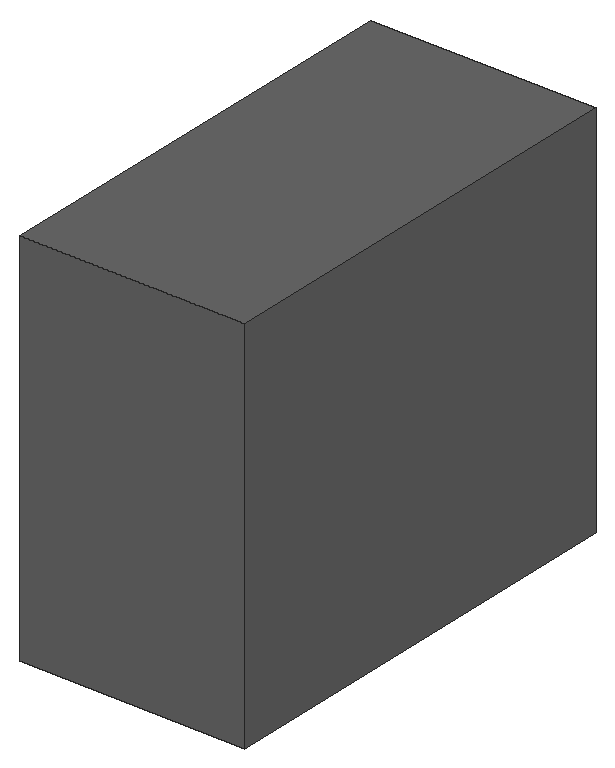
Revit family "Domotics-DomesticRanges-GEWISS-SYSTEM_COMMAND-DIMMER_PUSH-BUTTON", category Apparecchi elettrici, host Superficie, Revit 2016
Family settings
  Host = Superficie
  Mantenere orientamento annotazione = Sì
  Tipo di parte = Normale
  Quota connettore circolare = Usa diametro
  Taglio con vuoti quando caricato = Sì
  Condiviso = Sì
  Punto di calcolo locali = Sì
Parameters (values of type "GW21829 - Dimmer for electr.transf. 300W black")
  Volt = 230 V
  Vista in pianta [instance] = yes
  Version file RFA = "19.4"
  URL = "https://www.gewiss.com/ww/en"
  Tipo simbolo = PULSANTI : DIMMPULS
  Technical sheet = "https://www.gewiss.com/ww/en/search?q=GW21829"
  TIPO = System Dimmer Pulsante_GENERICO : GW21829 Dimmer per trasformatori elettronici 300W nero
  Supply voltage = "230V - 50 / 60 Hz"
  Simbolo [instance] = yes
  SEO = "Dimmer"
  Resistive load 230V ac = "40-300 W"
  Resistive load = "40-300 W"
  Realized by GEWISS S.p.A. = ""
  Default Elevation = 1219.2 mm
  Produttore = "GEWISS S.p.A."
  Offset presa [instance] = 0 mm
  Offset bidimensionale [instance] = 39 mm
  No. SYSTEM modules = "1"
  N. poli = 1
  Modello = "GW21829"
  Load type = "Electronic transformers"
  Load 230V ac = ""
  Inductive load 230V ac = "40-300 VA"
  Inductive load = "40-300 VA"
  Immagine tipo = GW21829.jpg
  IFC.TypeObject = ""
  IFC.ExportType = ""
  IFC.ExportAs = ""
  IDT = "747644e9-8027-4257-a4c3-3235cb5c2112"
  IDF = "32894165-b4c8-44ab-beb7-cb4eb3b257e9"
  Electrocod = "0141"
  EAN code = "8011564747357"
  Distanza_x [instance] = 0 mm
  Distanza_effettiva_y [instance] = 100 mm
  Distanza_effettiva_x [instance] = 1000 mm - Distanza_x  # 1000 mm
  Distanza orizzontale del simbolo [instance] = 101.351 mm
  Distanza dal muro [instance] = 4.208 mm
  Descrizione = "DIMMER FOR ELECTR.TRANSF. 300W SY.BLACK"
  Description. = "Push-button dimmer"
  Control = "Push-button"
  Command = "Push-button"
  Colour = "Black"
  Catalogue Range = "SYSTEM - DOMESTIC RANGE"
  Catalogue = "DOMOTICS"
  Carico apparente = 0 VA
  COBie.Tagnumber = ""
  COBie.CreatedOn = ""
  COBie.CreatebBy = ""
  COBie.ComponentRegisterItemID = ""
  COBie.Component.TagNumber = ""
  COBie.Component.Space = ""
  COBie.Component.SerialNumber = ""
  COBie.Component.InstallationDate = ""
  COBie.Component.Description = ""
  COBie.Component.BarCode = ""
Types (6, lengths in mm): name | Tipo simbolo | Technical sheet | TIPO | Resistive load 230V ac | Resistive load | Modello | Load type | Load 230V ac | Inductive load 230V ac | Inductive load | Immagine tipo | IDT | EAN code | Descrizione | Colour
  GW20818 - Elec.regul.air stirr. 230V 55-80VA white | PULSANTI : DIMMMANOP | "https://www.gewiss.com/ww/en/search?q=GW20818" | System Dimmer Pulsante_GENERICO : GW20818 Regolatore elettronico agitatori aria 230V 55-80VA bianco | "" | "" | "GW20818" | "Air agitators" | "55-80 VA" | "" | "" | GW20818.jpg | "02e3838b-3408-4868-a190-1a58c881d15a" | "8011564248922" | "ELEC.REGUL.AIR STIRR. 230V 55-80VA SY/WT" | "White"
  GW20828 - Dimmer for resist-induct. 500W white | PULSANTI : DIMMPULS | "https://www.gewiss.com/ww/en/search?q=GW20828" | System Dimmer Pulsante_GENERICO : GW20828 Dimmer per carichi resistivi-induttivi 500W bianco | "60-500 W" | "60-500 W" | "GW20828" | "Resistive/Inductive" | "" | "60-500 VA" | "60-500 VA" | GW20828.jpg | "76672c7c-5aff-4e72-bf2e-a3dcae6641f6" | "8011564747326" | "DIMMER FOR RESIST-INDUCT. 500W SY.WHITE" | "White"
  GW20829 - Dimmer for electr.transf. 300W white | PULSANTI : DIMMPULS | "https://www.gewiss.com/ww/en/search?q=GW20829" | System Dimmer Pulsante_GENERICO : GW20829 Dimmer per trasformatori elettronici 300W bianco | "40-300 W" | "40-300 W" | "GW20829" | "Electronic transformers" | "" | "40-300 VA" | "40-300 VA" | GW20829.jpg | "48ddf41b-69ee-4efc-9201-25c1207b1a0e" | "8011564747333" | "DIMMER FOR ELECTR.TRANSF. 300W SY.WHITE" | "White"
  GW21818 - Elec.regul.air stirr. 230V 55-80VA black | PULSANTI : DIMMMANOP | "https://www.gewiss.com/ww/en/search?q=GW21818" | System Dimmer Pulsante_GENERICO : GW21818 Regolatore elettronico agitatori aria 230V 55-80VA nero | "" | "" | "GW21818" | "Air agitators" | "55-80 VA" | "" | "" | GW21818.jpg | "6d056518-3352-4d4f-801e-f2275233aff9" | "8011564248939" | "ELEC.REGUL.AIR STIRR. 230V 55-80VA SY/BK" | "Black"
  GW21828 - Dimmer for resist-induct. 500W black | PULSANTI : DIMMPULS | "https://www.gewiss.com/ww/en/search?q=GW21828" | System Dimmer Pulsante_GENERICO : GW21828 Dimmer per carichi resistivi-induttivi 500W nero | "60-500 W" | "60-500 W" | "GW21828" | "Resistive/Inductive" | "" | "60-500 VA" | "60-500 VA" | GW21828.jpg | "3a950aca-6d37-451b-847e-ff5f8405c927" | "8011564747340" | "DIMMER FOR RESIST-INDUCT. 500W SY.BLACK" | "Black"
  GW21829 - Dimmer for electr.transf. 300W black | PULSANTI : DIMMPULS | "https://www.gewiss.com/ww/en/search?q=GW21829" | System Dimmer Pulsante_GENERICO : GW21829 Dimmer per trasformatori elettronici 300W nero | "40-300 W" | "40-300 W" | "GW21829" | "Electronic transformers" | "" | "40-300 VA" | "40-300 VA" | GW21829.jpg | "747644e9-8027-4257-a4c3-3235cb5c2112" | "8011564747357" | "DIMMER FOR ELECTR.TRANSF. 300W SY.BLACK" | "Black"
Reference planes
  plane 1 "Centro (Fronte/Retro)": y = 0
  plane 2: z = 0
  plane 3 "Centro (Sinistra/Destra)": x = 0
  plane 4: x = -1000
  plane 5: x = 0
  plane 6: y = 100
  plane 7: z = 0
  plane 8: z = 39
Lines and regions (mm)
  Masking region 1, visible <- "Vista in pianta"
    outline origin (0, 0, 0) x (1, 0, 0) y (0, 1, 0)
      loop
        line (-11.5, 22.5) -> (-11.5, -22.5) -> (11.5, -22.5) -> (11.5, 22.5) -> (-11.5, 22.5)
      loop
        line (2.455, 11.505) -> (5.432, 10.131) -> (7.322, 12.593) -> (4.401, 13.967) -> (1.596, 14.082) -> (-1.497, 13.452) -> (-4.131, 12.307) -> (-6.364, 10.131) -> (-5.047, 10.818) -> (-3.214, 11.505) -> (-0.351, 11.906) -> (2.455, 11.505)
      loop
        circle (0.125, 0) r 7.891
      loop
        circle (0.125, 0) r 9.447
      loop
        circle (0.125, -16.62) r 3.104
  Masking region 2, visible <- "Vista in pianta"
    outline origin (0, 0, 0) x (0, 1, 0) y (0, 0, 1)
      loop
        line (-22.5, 39) -> (-22.5, 0) -> (22.5, 0) -> (22.5, 39) -> (-22.5, 39)
  Masking region 3, visible <- "Vista in pianta"
    outline origin (0, 0, 0) x (1, 0, 0) y (0, 0, 1)
      loop
        line (-11.5, 39) -> (-11.5, 0) -> (11.5, 0) -> (11.5, 39) -> (-11.5, 39)
Dimensions and locks
  plane 4 to plane 3 "Centro (Sinistra/Destra)" = 1000 mm
  "Distanza_effettiva_x": plane 4 to plane 5
  "Distanza_effettiva_y": plane 6 to plane 1 "Centro (Fronte/Retro)"
  "Offset presa": plane 7 to host face
  "Offset bidimensionale": plane 8 to host face
  aligned and locked: plane 2 to host face
  aligned and locked: level to host face
  aligned and locked: plane 3 "Centro (Sinistra/Destra)" to nested 1
  aligned and locked: plane 1 "Centro (Fronte/Retro)" to nested 1
  aligned and locked: plane 5 to nested 2
  aligned and locked: nested 2 to plane 6
  aligned and locked: Masking region 1 sketch curve to nested 1  (x4)
  aligned and locked: nested 1 to plane 7
  aligned and locked: plane 7 to nested 1
  aligned and locked: Masking region 2 sketch curve to nested 1  (x4)
  aligned and locked: import instance to plane 8
  aligned and locked: Masking region 3 sketch curve to nested 1  (x4)
Automatic sketch dimensions
  host sketch curve to host sketch curve = 2438.4 mm  (x2)
  plane 3 "Centro (Sinistra/Destra)" to Masking region 1 sketch curve = 2.455 mm
  Masking region 1 sketch curve to plane 1 "Centro (Fronte/Retro)" = 11.505 mm
  Masking region 1 sketch curve to plane 3 "Centro (Sinistra/Destra)" = 0.351 mm
  Masking region 1 sketch curve to Masking region 1 sketch curve = 2.978 mm
  Masking region 1 sketch curve to Masking region 1 sketch curve = 1.374 mm
  Masking region 1 sketch curve to Masking region 1 sketch curve = 0.401 mm  (x2)
  Masking region 1 sketch curve to Masking region 1 sketch curve = 2.863 mm
  Masking region 1 sketch curve to Masking region 1 sketch curve = 1.832 mm
  Masking region 1 sketch curve to Masking region 1 sketch curve = 0.687 mm  (x2)
  Masking region 1 sketch curve to Masking region 1 sketch curve = 1.317 mm
  Masking region 1 sketch curve to Masking region 1 sketch curve = 0.916 mm
  Masking region 1 sketch curve to Masking region 1 sketch curve = 0.802 mm
  Masking region 1 sketch curve to plane 3 "Centro (Sinistra/Destra)" = 1.497 mm
  Masking region 1 sketch curve to Masking region 1 sketch curve = 1.546 mm
  plane 3 "Centro (Sinistra/Destra)" to Masking region 1 sketch curve = 1.596 mm
  Masking region 1 sketch curve to Masking region 1 sketch curve = 2.577 mm
  Masking region 1 sketch curve to Masking region 1 sketch curve = 2.806 mm
  Masking region 1 sketch curve to Masking region 1 sketch curve = 0.115 mm
  Masking region 1 sketch curve to Masking region 1 sketch curve = 1.89 mm
  Masking region 1 sketch curve to Masking region 1 sketch curve = 2.462 mm
Nested families
  nested 1: "System Dimmer Pulsante_GENERICO" at (0, 0, 0), type <- "TIPO", type "GW21829 Dimmer per trasformatori elettronici 300W nero", detail levels medium+fine
  nested 2: "PULSANTI" at (0, 100, 0), Distanza dal muro <- "Distanza dal muro", SIMBOLO <- "Simbolo", type <- "Tipo simbolo", visible <- "Simbolo", type "DIMMPULS"
    with TESTO ELETTRICO "", SIMBOLO yes, Distanza dal muro 4.208 mm, BORDO ACCESO yes
Connectors
  electrical at (0, 0, 0), driven by "N. poli", driven by "Volt", driven by "Carico apparente"
    settings: on nested 1, index 1, voltage 230 V, apparent load 0 VA, apparent load phase1 0 VA, apparent load phase2 0 VA, apparent load phase3 0 VA, power factor 1, load classification "Altro", number of poles 1, system type 31, power factor state 1, is connector primary yes, connector utility no, sub classification motor no, connector description ""
Definition of nested family "System Dimmer Pulsante_GENERICO"
  Parameters (values of type "GW20818 Regolatore elettronico agitatori aria 230V 55-80VA bianco")
    Profondità presa = 39 mm
    Lunghezza = 43 mm
    Larghezza = 25 mm
    Finitura Dimmer = none
    Altezza da Terra = 750 mm
  Types (6): name
    GW20818 Regolatore elettronico agitatori aria 230V 55-80VA bianco
    GW21818 Regolatore elettronico agitatori aria 230V 55-80VA nero
    GW20828 Dimmer per carichi resistivi-induttivi 500W bianco
    GW20829 Dimmer per trasformatori elettronici 300W bianco
    GW21828 Dimmer per carichi resistivi-induttivi 500W nero
    GW21829 Dimmer per trasformatori elettronici 300W nero
  Reference planes
    plane 1 "Centro (Fronte/Retro)": y = 0
    plane 2: z = 0
    plane 3 "Centro (Sinistra/Destra)": x = 0
    plane 4: z = 39
  Forms (mm)
    Extrusion 1, solid, material <- "Finitura Dimmer"
      sketch origin (-37.942, -794.839, 39) x (1, 0, 0) y (0, 1, 0)
        loop
          line (26.442, 817.339) -> (26.442, 772.339) -> (49.442, 772.339) -> (49.442, 817.339) -> (26.442, 817.339)
      from 0 to -39
  Lines and regions (mm)
    model lines, detail levels medium+fine
      curve 1: circle (0.125, 0, 39) r 7.891 normal (0, 0, 1)
      curve 2: circle (0.125, 0, 39) r 9.447 normal (0, 0, 1)
      curve 3: circle (0.125, -16.62, 39) r 3.104 normal (0, 0, 1)
      curve 4: line (-6.364, 10.131, 39) -> (-4.131, 12.307, 39)
      curve 5: line (-4.131, 12.307, 39) -> (-1.497, 13.452, 39)
      curve 6: line (-1.497, 13.452, 39) -> (1.596, 14.082, 39)
      curve 7: line (1.596, 14.082, 39) -> (4.401, 13.967, 39)
      curve 8: line (4.401, 13.967, 39) -> (7.322, 12.593, 39)
      curve 9: line (7.322, 12.593, 39) -> (5.432, 10.131, 39)
      curve 10: line (5.432, 10.131, 39) -> (2.455, 11.505, 39)
      curve 11: line (2.455, 11.505, 39) -> (-0.351, 11.906, 39)
      curve 12: line (-0.351, 11.906, 39) -> (-3.214, 11.505, 39)
      curve 13: line (-3.214, 11.505, 39) -> (-5.047, 10.818, 39)
      curve 14: line (-5.047, 10.818, 39) -> (-6.364, 10.131, 39)
  Dimensions and locks
    "Profondità presa": plane 4 to level
    aligned and locked: level to plane 2
    aligned and locked: Extrusion 1 to level
  Automatic sketch dimensions
    Extrusion 1 sketch curve to plane 3 "Centro (Sinistra/Destra)" = 11.5 mm
    plane 3 "Centro (Sinistra/Destra)" to Extrusion 1 sketch curve = 11.5 mm
    plane 1 "Centro (Fronte/Retro)" to Extrusion 1 sketch curve = 22.5 mm
    Extrusion 1 sketch curve to plane 1 "Centro (Fronte/Retro)" = 22.5 mm
    curve 1 to curve 2 = 0 mm  (x2)
    curve 4 to Extrusion 1 = 5.136 mm
    curve 4 to curve 13 = 1.317 mm
    curve 14 to curve 5 = 0.916 mm
    curve 4 to curve 12 = 0.916 mm
    curve 13 to curve 6 = 1.718 mm
    curve 5 to curve 12 = 1.145 mm
    curve 1 to Extrusion 1 = 11.375 mm
    curve 3 to Extrusion 1 = 11.375 mm
    curve 12 to curve 7 = 1.947 mm
    curve 6 to curve 11 = 0.859 mm
    curve 6 to curve 7 = 2.806 mm
    curve 10 to curve 10 = 2.978 mm
    curve 9 to curve 8 = 1.89 mm
    curve 3 to Extrusion 1 = 5.88 mm
    curve 3 to curve 2 = 16.62 mm
    curve 1 to curve 4 = 10.131 mm
    curve 1 to curve 10 = 10.131 mm
    curve 4 to curve 14 = 0.687 mm
    curve 14 to curve 13 = 0.687 mm
    curve 9 to curve 11 = 1.374 mm
    curve 10 to curve 11 = 0.401 mm
    curve 12 to curve 5 = 0.802 mm
    curve 9 to curve 9 = 2.462 mm
    curve 11 to curve 6 = 1.546 mm
    curve 10 to curve 7 = 2.462 mm
    curve 10 to curve 6 = 2.577 mm
    radius of curve 1 = 7.891 mm
    radius of curve 2 = 9.447 mm
    radius of curve 3 = 3.104 mm
Definition of nested family "PULSANTI"
  Parameters (values of type "DIMMMANOP")
    TESTO ELETTRICO [instance] = ""
    Simbolo = PULSANTI_BASE : DIMMMANOP
    SIMBOLO [instance] = yes
    Distanza dal muro [instance] = 4.208 mm
    BORDO ACCESO [instance] = yes
  Types (11, lengths in mm): name | TESTO ELETTRICO | Simbolo
    PULSANTE | "" | PULSANTI_BASE : PULSANTE
    PULSTIRANTE | "" | PULSANTI_BASE : PULSTIRANTE
    PULSCHIAVE | "" | PULSANTI_BASE : PULSCHIAVE
    TARGA | "" | PULSANTI_BASE : TARGA
    RRNC | "A" | PULSANTI_BASE : RRNC
    MARNO | "M" | PULSANTI_BASE : MARNO
    LUM | "" | PULSANTI_BASE : LUM
    DOPPIO | "" | PULSANTI_BASE : DOPPIO
    DIMMPULS | "" | PULSANTI_BASE : DIMMPULS
    DIMMMANOP | "" | PULSANTI_BASE : DIMMMANOP
    DIMMMANOPDEV | "" | PULSANTI_BASE : DIMMMANOPDEV
  Reference planes
    plane 1: y = 0
    plane 2: x = 0
  Lines and regions (mm)
    detail lines, visible <- "BORDO ACCESO", not visible
      curve 1: line (-2.25, 0.412, 0) -> (2.25, 0.412, 0)
      curve 2: line (2.25, 0.412, 0) -> (2.25, -5.588, 0)
      curve 3: line (2.25, -5.588, 0) -> (-2.25, -5.588, 0)
      curve 4: line (-2.25, -5.588, 0) -> (-2.25, 0.412, 0)
      curve 30: line (-1.85, 0.012, 0) -> (1.85, 0.012, 0)
      curve 31: line (1.85, 0.012, 0) -> (1.85, -5.188, 0)
      curve 32: line (1.85, -5.188, 0) -> (-1.85, -5.188, 0)
      curve 33: line (-1.85, -5.188, 0) -> (-1.85, 0.012, 0)
      curve 34: line (-2.25, 6, 0) -> (2.25, 6, 0)
      curve 35: line (2.25, 6, 0) -> (2.25, 0, 0)
      curve 36: line (2.25, 0, 0) -> (-2.25, 0, 0)
      curve 37: line (-2.25, 0, 0) -> (-2.25, 6, 0)
      curve 61: line (-1.85, 5.6, 0) -> (1.85, 5.6, 0)
      curve 62: line (1.85, 5.6, 0) -> (1.85, 0.4, 0)
      curve 63: line (1.85, 0.4, 0) -> (-1.85, 0.4, 0)
      curve 64: line (-1.85, 0.4, 0) -> (-1.85, 5.6, 0)
      curve 65: line (-2.443, 10.208, 0) -> (2.057, 10.208, 0)
      curve 66: line (2.057, 10.208, 0) -> (2.057, 4.208, 0)
      curve 67: line (2.057, 4.208, 0) -> (-2.443, 4.208, 0)
      curve 68: line (-2.443, 4.208, 0) -> (-2.443, 10.208, 0)
      curve 69: line (-2.043, 9.808, 0) -> (1.657, 9.808, 0)
      curve 70: line (1.657, 9.808, 0) -> (1.657, 4.608, 0)
      curve 71: line (1.657, 4.608, 0) -> (-2.043, 4.608, 0)
      curve 72: line (-2.043, 4.608, 0) -> (-2.043, 9.808, 0)
    detail lines, not visible
      curve 5: line (-9.473, -5.588, 0) -> (10.527, -5.588, 0)
      curve 6: circle (-0.56, -0.487, 0) r 0.969 normal (0, 0, 1)
      curve 7: line (-0.005, 0.306, 0) -> (0.852, 1.529, 0)
      curve 8: line (0.852, 1.529, 0) -> (1.529, 1.047, 0)
      curve 9: circle (-0.56, -315.487, 0) r 0.969 normal (0, 0, 1)
      curve 10: line (-0.005, -314.694, 0) -> (0.852, -313.471, 0)
      curve 11: line (0.852, -313.471, 0) -> (1.529, -313.953, 0)
      curve 12: line (-1.245, -314.803, 0) -> (0.124, -316.172, 0)
      curve 13: line (0.124, -314.803, 0) -> (-1.245, -316.172, 0)
      curve 14: circle (-0.56, -480.487, 0) r 0.969 normal (0, 0, 1)
      curve 15: line (-0.005, -479.694, 0) -> (0.852, -478.471, 0)
      curve 16: line (0.852, -478.471, 0) -> (1.529, -478.953, 0)
      curve 17: line (0.493, -478.983, 0) -> (1.167, -479.462, 0)
      curve 18: circle (-0.56, -880.487, 0) r 0.969 normal (0, 0, 1)
      curve 19: line (-0.005, -879.694, 0) -> (0.852, -878.471, 0)
      curve 20: line (0.852, -878.471, 0) -> (1.529, -878.953, 0)
      curve 21: line (-1.245, -879.803, 0) -> (0.124, -881.172, 0)
      curve 22: line (0.124, -879.803, 0) -> (-1.245, -881.172, 0)
      curve 23: line (0.493, -878.983, 0) -> (1.167, -879.462, 0)
      curve 24: circle (-0.56, -365.487, 0) r 0.969 normal (0, 0, 1)
      curve 25: line (-0.005, -364.694, 0) -> (0.852, -363.471, 0)
      curve 26: line (0.852, -363.471, 0) -> (1.529, -363.953, 0)
      curve 27: line (-0.56, -364.925, 0) -> (-0.56, -366.05, 0)
      curve 28: line (0.493, -363.983, 0) -> (1.167, -364.462, 0)
      curve 29: line (0, 3.621, 0) -> (0, -16.379, 0)
      curve 38: circle (-0.56, 2.417, 0) r 0.969 normal (0, 0, 1)
      curve 39: line (-0.005, 3.21, 0) -> (0.852, 4.433, 0)
      curve 40: line (0.852, 4.433, 0) -> (1.529, 3.951, 0)
      curve 41: circle (-0.56, 2.417, 0) r 0.969 normal (0, 0, 1)
      curve 42: line (-0.005, 3.21, 0) -> (0.852, 4.433, 0)
      curve 43: line (0.852, 4.433, 0) -> (1.529, 3.951, 0)
      curve 44: line (-1.245, 3.102, 0) -> (0.124, 1.732, 0)
      curve 45: line (0.124, 3.102, 0) -> (-1.245, 1.732, 0)
      curve 46: circle (-0.56, 2.417, 0) r 0.969 normal (0, 0, 1)
      curve 47: line (-0.005, 3.21, 0) -> (0.852, 4.433, 0)
      curve 48: line (0.852, 4.433, 0) -> (1.529, 3.951, 0)
      curve 49: circle (-0.56, 2.417, 0) r 0.969 normal (0, 0, 1)
      curve 50: line (-0.005, 3.21, 0) -> (0.852, 4.433, 0)
      curve 51: line (0.852, 4.433, 0) -> (1.529, 3.951, 0)
      curve 52: line (-1.245, 3.102, 0) -> (0.124, 1.732, 0)
      curve 53: line (0.124, 3.102, 0) -> (-1.245, 1.732, 0)
      curve 54: line (0.493, 3.921, 0) -> (1.167, 3.442, 0)
      curve 55: line (0.493, 3.921, 0) -> (1.167, 3.442, 0)
      curve 56: circle (-0.56, 2.417, 0) r 0.969 normal (0, 0, 1)
      curve 57: line (-0.005, 3.21, 0) -> (0.852, 4.433, 0)
      curve 58: line (0.852, 4.433, 0) -> (1.529, 3.951, 0)
      curve 59: line (-0.56, 2.979, 0) -> (-0.56, 1.854, 0)
      curve 60: line (0.493, 3.921, 0) -> (1.167, 3.442, 0)
      curve 73: line (-1.644, 2.848, 0) -> (1.644, 2.848, 0)
      curve 74: line (-1.644, 0.61, 0) -> (-1.644, 2.848, 0)
      curve 75: line (1.644, 0.61, 0) -> (-1.644, 0.61, 0)
      curve 76: line (1.644, 2.848, 0) -> (1.644, 0.61, 0)
      curve 77: line (-1.325, 0.987, 0) -> (1.325, 0.987, 0)
      curve 78: circle (0, 1.912, 0) r 0.5 normal (0, 0, 1)
      curve 79: circle (0, 1.912, 0) r 0.8 normal (0, 0, 1)
      curve 80: line (-1.325, 0.987, 0) -> (1.325, 0.987, 0)
      curve 81: line (-0.354, 2.265, 0) -> (0.354, 1.558, 0)
      curve 82: line (0.354, 2.265, 0) -> (-0.354, 1.558, 0)
  Dimensions and locks
    aligned and locked: curve 5 to curve 3
    aligned and locked: plane 2 to nested 1
    aligned and locked: plane 1 to nested 1
  Nested families
    nested 1: "PULSANTI_BASE" at (0, 0, 0), BORDO ACCESO <- "BORDO ACCESO", type <- "Simbolo", TESTO ELETTRICO <- "TESTO ELETTRICO", visible <- "SIMBOLO", type "DIMMMANOP"
      with TESTO ELETTRICO "", BORDO ACCESO yes
  Definition of nested family "PULSANTI_BASE"
    Parameters (values of type "DIMMMANOPDEV")
      TEXT = no
      TESTO ELETTRICO [instance] = ""
      TARGA = no
      PULSANTECHIAVE = no
      PULSTIRANTE = no
      PULSANTE = no
      LUM = no
      DOPPIO = no
      DIMMPULSINT = no
      DIMMPULS = no
      DIMMMANOPDEV = yes
      BORDO ACCESO [instance] = yes
    Types (11, lengths in mm): name | TEXT | TARGA | PULSANTECHIAVE | PULSTIRANTE | PULSANTE | LUM | DOPPIO | DIMMPULSINT | DIMMPULS | DIMMMANOPDEV
      PULSANTE | no | no | no | no | yes | no | no | no | no | no
      PULSTIRANTE | no | no | no | yes | yes | no | no | no | no | no
      PULSCHIAVE | no | no | yes | no | yes | no | no | no | no | no
      TARGA | no | yes | no | no | no | no | no | no | no | no
      RRNC | yes | no | no | no | yes | no | no | no | no | no
      MARNO | yes | no | no | no | yes | no | no | no | no | no
      LUM | no | no | no | no | no | yes | no | no | no | no
      DOPPIO | no | no | no | no | no | no | yes | no | no | no
      DIMMPULS | no | no | no | no | no | no | no | yes | yes | no
      DIMMMANOP | no | no | no | no | no | no | no | no | yes | no
      DIMMMANOPDEV | no | no | no | no | no | no | no | no | no | yes
    Reference planes
      plane 1: y = 0
      plane 2: x = 0
    Lines and regions (mm)
      detail lines, visible <- "PULSANTE"
        curve 1: circle (0, 1.258, 0) r 0.527 normal (0, 0, 1)
        curve 11: circle (0, 1.258, 0) r 0.394 normal (0, 0, 1)
      detail lines, visible <- "BORDO ACCESO", not visible
        curve 2: line (-1.943, 9.208, 0) -> (1.857, 9.208, 0)
        curve 3: line (1.857, 9.208, 0) -> (1.857, 4.208, 0)
        curve 4: line (1.857, 4.208, 0) -> (-1.943, 4.208, 0)
        curve 5: line (-1.943, 4.208, 0) -> (-1.943, 9.208, 0)
        curve 6: line (-1.743, 9.008, 0) -> (1.657, 9.008, 0)
        curve 7: line (1.657, 9.008, 0) -> (1.657, 4.408, 0)
        curve 8: line (1.657, 4.408, 0) -> (-1.743, 4.408, 0)
        curve 9: line (-1.743, 4.408, 0) -> (-1.743, 9.008, 0)
      detail lines, visible <- "PULSANTECHIAVE"
        curve 10: line (0, 1.49, 0) -> (0, 0.929, 0)
      detail lines, visible <- "PULSTIRANTE"
        curve 12: line (0, 0.732, 0) -> (0, 0.441, 0)
        curve 13: line (-0.162, 0.441, 0) -> (0.162, 0.441, 0)
        curve 14: line (-0.162, 0.441, 0) -> (0, 0.16, 0)
        curve 15: line (0, 0.16, 0) -> (0.162, 0.441, 0)
      detail lines, visible <- "TARGA"
        curve 16: line (-0.866, 1.843, 0) -> (0.866, 1.843, 0)
        curve 17: line (-0.866, 0.665, 0) -> (-0.866, 1.843, 0)
        curve 18: line (0.866, 0.665, 0) -> (-0.866, 0.665, 0)
        curve 19: line (0.866, 1.843, 0) -> (0.866, 0.665, 0)
        curve 20: line (-0.698, 0.863, 0) -> (-0.469, 0.863, 0)
        curve 21: circle (0, 1.35, 0) r 0.263 normal (0, 0, 1)
        curve 22: circle (0, 1.35, 0) r 0.421 normal (0, 0, 1)
        curve 23: line (-0.698, 0.863, 0) -> (-0.469, 0.863, 0)
        curve 24: line (-0.186, 1.536, 0) -> (0.186, 1.164, 0)
        curve 25: line (0.186, 1.536, 0) -> (-0.186, 1.164, 0)
      detail lines, visible <- "TARGA", not visible
        curve 26: line (-1.644, 2.848, 0) -> (1.644, 2.848, 0)
        curve 27: line (-1.644, 0.61, 0) -> (-1.644, 2.848, 0)
        curve 28: line (1.644, 0.61, 0) -> (-1.644, 0.61, 0)
        curve 29: line (1.644, 2.848, 0) -> (1.644, 0.61, 0)
        curve 30: line (-1.325, 0.987, 0) -> (1.325, 0.987, 0)
        curve 31: circle (0, 1.912, 0) r 0.5 normal (0, 0, 1)
        curve 32: circle (0, 1.912, 0) r 0.8 normal (0, 0, 1)
        curve 33: line (-1.325, 0.987, 0) -> (1.325, 0.987, 0)
        curve 34: line (-0.354, 2.265, 0) -> (0.354, 1.558, 0)
        curve 35: line (0.354, 2.265, 0) -> (-0.354, 1.558, 0)
        curve 59: line (-0.866, 3.093, 0) -> (0.866, 3.093, 0)
        curve 60: line (-0.866, 1.915, 0) -> (-0.866, 3.093, 0)
        curve 61: line (0.866, 1.915, 0) -> (-0.866, 1.915, 0)
        curve 62: line (0.866, 3.093, 0) -> (0.866, 1.915, 0)
        curve 63: line (-0.698, 2.113, 0) -> (0.698, 2.113, 0)
        curve 64: circle (0, 2.6, 0) r 0.263 normal (0, 0, 1)
        curve 65: circle (0, 2.6, 0) r 0.421 normal (0, 0, 1)
        curve 66: line (-0.698, 2.113, 0) -> (0.698, 2.113, 0)
        curve 67: line (-0.186, 2.786, 0) -> (0.186, 2.414, 0)
        curve 68: line (0.186, 2.786, 0) -> (-0.186, 2.414, 0)
      detail lines, visible <- "LUM"
        curve 36: circle (0, 1.258, 0) r 0.527 normal (0, 0, 1)
        curve 37: circle (0, 1.258, 0) r 0.394 normal (0, 0, 1)
        curve 38: line (0.279, 0.979, 0) -> (-0.279, 1.537, 0)
        curve 39: line (-0.279, 0.979, 0) -> (0.279, 1.537, 0)
      detail lines, visible <- "LUM", not visible
        curve 40: circle (0, -4.588, 0) r 1 normal (0, 0, 1)
        curve 41: circle (0, -4.588, 0) r 0.749 normal (0, 0, 1)
        curve 42: line (0.53, -5.117, 0) -> (-0.53, -4.058, 0)
        curve 43: line (-0.53, -5.117, 0) -> (0.53, -4.058, 0)
        curve 69: circle (0, 2.508, 0) r 0.527 normal (0, 0, 1)
        curve 70: circle (0, 2.508, 0) r 0.394 normal (0, 0, 1)
        curve 71: line (0.279, 2.229, 0) -> (-0.279, 2.787, 0)
        curve 72: line (-0.279, 2.229, 0) -> (0.279, 2.787, 0)
      detail lines, visible <- "DOPPIO"
        curve 44: circle (0, 1.785, 0) r 0.527 normal (0, 0, 1)
        curve 45: circle (0, 1.785, 0) r 0.394 normal (0, 0, 1)
        curve 46: circle (0, 0.732, 0) r 0.527 normal (0, 0, 1)
        curve 47: circle (0, 0.732, 0) r 0.394 normal (0, 0, 1)
      detail lines, visible <- "DOPPIO", not visible
        curve 48: circle (0, -6.992, 0) r 1 normal (0, 0, 1)
        curve 49: circle (0, -6.992, 0) r 0.749 normal (0, 0, 1)
        curve 50: circle (0, -8.992, 0) r 1 normal (0, 0, 1)
        curve 51: circle (0, -8.992, 0) r 0.749 normal (0, 0, 1)
        curve 73: circle (0, 3.035, 0) r 0.527 normal (0, 0, 1)
        curve 74: circle (0, 3.035, 0) r 0.394 normal (0, 0, 1)
        curve 75: circle (0, 1.982, 0) r 0.527 normal (0, 0, 1)
        curve 76: circle (0, 1.982, 0) r 0.394 normal (0, 0, 1)
      detail lines, visible <- "PULSANTE", not visible
        curve 52: circle (0, 2.508, 0) r 0.527 normal (0, 0, 1)
        curve 54: circle (0, 2.508, 0) r 0.394 normal (0, 0, 1)
      detail lines, visible <- "PULSANTECHIAVE", not visible
        curve 53: line (0, 2.809, 0) -> (0, 2.179, 0)
      detail lines, visible <- "PULSTIRANTE", not visible
        curve 55: line (0, 1.982, 0) -> (0, 1.691, 0)
        curve 56: line (-0.162, 1.691, 0) -> (0.162, 1.691, 0)
        curve 57: line (-0.162, 1.691, 0) -> (0, 1.41, 0)
        curve 58: line (0, 1.41, 0) -> (0.162, 1.691, 0)
      detail lines, visible <- "DIMMPULS"
        curve 77: circle (-0.18, 0.945, 0) r 0.4 normal (0, 0, 1)
        curve 79: line (-0.118, 1.411, 0) -> (0.479, 1.411, 0)
        curve 80: line (0.479, 1.411, 0) -> (0.479, 1.676, 0)
        curve 81: line (0.479, 1.676, 0) -> (-0.118, 1.411, 0)
        curve 82: line (0.095, 1.236, 0) -> (0.521, 1.843, 0)
      detail lines, visible <- "DIMMPULSINT"
        curve 78: circle (-0.18, 0.945, 0) r 0.3 normal (0, 0, 1)
      detail lines, visible <- "DIMMMANOPDEV"
        curve 83: circle (0.027, 1.185, 0) r 0.289 normal (0, 0, 1)
        curve 84: line (0.071, 1.522, 0) -> (0.502, 1.522, 0)
        curve 85: line (0.502, 1.522, 0) -> (0.502, 1.712, 0)
        curve 86: line (0.502, 1.712, 0) -> (0.071, 1.522, 0)
        curve 87: line (0.225, 1.395, 0) -> (0.519, 1.814, 0)
        curve 88: line (0.519, 1.814, 0) -> (0.814, 1.607, 0)
        curve 89: line (-0.088, 0.921, 0) -> (-0.357, 0.485, 0)
        curve 90: line (-0.357, 0.485, 0) -> (-0.664, 0.675, 0)
    Text (mm)
      label "TXT" at (0.016, 1.223, 0), shows "TESTO ELETTRICO", visible <- "TEXT"
      label "TXT" at (0.016, 2.473, 0), shows "TESTO ELETTRICO", visible <- "TEXT", not visible
